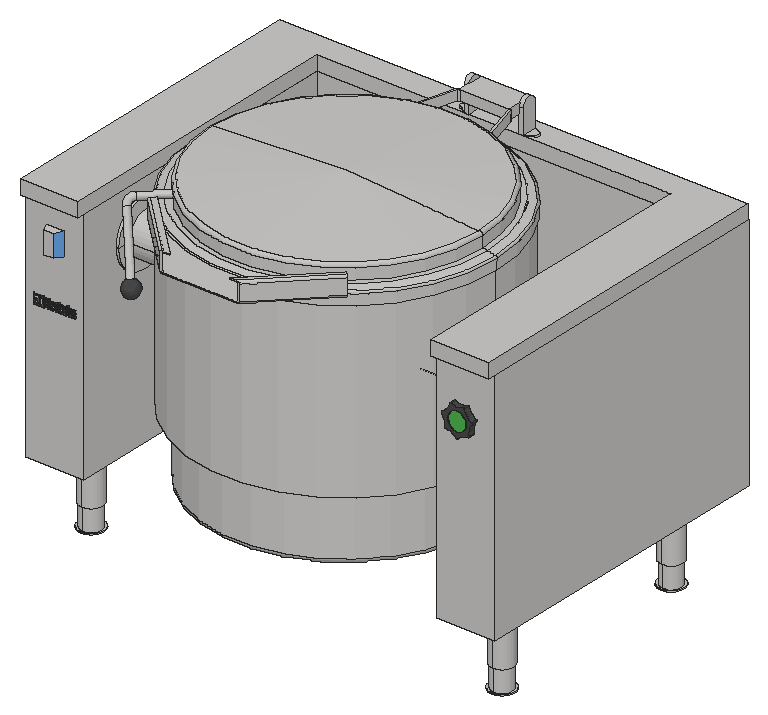
Revit family "QF_ELECTROLUXPROFESSIONAL_587190_PBOT15TCJO", category Attrezzature speciali, Revit 2020
Family settings
  Quota connettore circolare = Usa diametro
  Tipo di parte = Normale
  Basato su piano di lavoro = No
  Sempre verticale = Sì
  Taglio con vuoti quando caricato = No
  Condiviso = No
  Punto di calcolo locali = No
Parameters (values of type "Standard")
  Weight = 260.00 kg
  Watts = 200 W
  Volts = 230 V
  URL Manufacturer = "https://www.electroluxprofessional.com/"
  URL = "https://www.electroluxprofessional.com/"
  Steam Supply Size = 25.4 mm
  Steam Supply Minimum Pressure = 3.28084 Pa
  Steam Supply Maximum Pressure = 4.92126 Pa
  Steam Consumption per Hour = 65
  Refrigeration Suction Line Size = 0.0 mm
  Refrigeration Liquid Line Size = 0.0 mm
  Refrigerant Compressor Remote = yes
  Prospetto di default = 0.0 mm
  Produttore = "Electrolux Professional"
  Phase = 1
  Modello = "PBOT15TCJO"
  Length Actual = 1300.0 mm  # constant formula
  Item Number = "587190"
  Hot Water Size = 12.7 mm
  Height Actual = 700.0 mm  # constant formula
  HP = "0.3 HP"
  Gas Size = 0 mm
  Gas KW = 0
  Gas Input Pressure = 0 W
  Direct Waste Size = 0 mm
  Descrizione = "STEAM (MAN) BOILING PAN, TILTING,150L,230V,FS,MARINE"
  Depth Actual = 900.0 mm  # constant formula
  Cycle = 50 Hz
  Condensate Return Size = 25.4 mm
  Compressed Air Volume = 0.0 L/s
  Compressed Air Size = 0 mm
  Compressed Air Pressure = 0.0 Pa
  Cold Water Size = 12.7 mm
  Accessory = yes
Reference planes
  plane 1 "Center (Front/Back)": y = 0
  plane 2: z = 0
  plane 3 "Center (Left/Right)": x = 0
  plane 4 "LEFT": x = -650
  plane 5 "RIGHT": x = 650
  plane 6 "BACK": y = 450
  plane 7 "FRONT": y = -450
  plane 8 "Base": z = 200
  plane 9 "TOP": z = 900
  plane 10: x = -490
  plane 11: x = 490
  plane 12 "Axe_PentolaY": y = -230
  plane 13 "AxePentolaZ": z = 730
  plane 14 "PLANE_TOP": z = 860
  plane 15: y = 380
  plane 16: x = -414.5
  plane 17 "PentolaH1": z = 910
  plane 18 "PentolaH2": z = 430
  plane 19 "Pentola_H3": z = 220
  plane 20: x = -378.5
  plane 21: y = -640
  plane 22 "CentroPentolaY": y = -133
  plane 23 "TopCoperchio": z = 1011
  plane 24 "Versamento": z = 940
  plane 25 "V1": through (-184.414, -566.187, 4000) normal (-0.7071, -0.7071, 0)
  plane 26 "V2": through (96.404, -654.197, 4000) normal (-0.7071, 0.7071, 0)
  plane 27 "Gfront": y = -1450
  plane 28 "LEVEL": through (-363.841, -304.214, 4000) normal (0.7071, 0.7071, 0)
  plane 29 "GRight": x = 250
  plane 30 "GLeft": x = -250
  plane 31: z = 1845
  plane 32 "Ribaltamento": y = -715
  plane 33: x = -570
  plane 34: x = 570
  plane 35 "AttaccoManiglia": z = 970
  plane 36 "GBack": y = -250
Forms (mm)
  Revolve 1, solid, material "QF_Finishes_Stainless Steel"
    sketch origin (0, 0, 730) x (-1, 0, 0) y (0, -1, 0)
      loop
        line (490, 230) -> (-490, 230) -> (-490, 140) -> (-480, 140) -> (-480, 173) -> (480, 173) -> (480, 140) -> (490, 140) -> (490, 230)
      axis (490, 230) -> (-490, 230)
    angle from 0 to 360
  Extrusion 2, solid, material "QF_Finishes_Stainless Steel"
    sketch origin (0, 0, 860) x (-1, 0, 0) y (0, -1, 0)
      loop
        line (650, 450) -> (490, 450) -> (490, -380) -> (-490, -380) -> (-490, 450) -> (-650, 450) -> (-650, -450) -> (650, -450) -> (650, 450)
    from 0 to 40
  Extrusion 3, solid, material "QF_Finishes_Stainless Steel"
    sketch origin (0, 0, 860) x (-1, 0, 0) y (0, -1, 0)
      loop
        line (490, -380) -> (-490, -380) -> (-490, -450) -> (490, -450) -> (490, -380)
    from 0 to -360
  Revolve 4, solid, material "QF_Finishes_Stainless Steel"
    sketch origin (0, -133, 0) x (-1, 0, 0) y (0, 0, 1)
      loop
        line (0, 910) -> (0, 220)
        arc (0, 220) -> (184.45, 226.112) -> (368.088, 244.449) r 2780.07
        arc (368.088, 244.449) -> (375.529, 248.439) -> (378.5, 256.343) r 12
        line (378.5, 256.343) -> (378.5, 430) -> (414.5, 430) -> (414.5, 910) -> (0, 910)
      axis (0, 910) -> (0, 220)
    angle from 0 to 360
  Revolve 5, solid, material "QF_Finishes_Stainless Steel"
    sketch origin (0, -133, 0) x (-1, 0, 0) y (0, 0, 1)
      loop
        line (419.5, 910) -> (419.5, 938.417)
        arc (419.5, 938.417) -> (418.283, 942.04) -> (415.126, 944.193) r 6
        line (415.126, 944.193) -> (394.5, 950) -> (378.5, 950) -> (378.5, 981.04)
        arc (378.5, 981.04) -> (375.943, 987.718) -> (369.58, 990.981) r 10
        arc (369.58, 990.981) -> (185.061, 1005.992) -> (0, 1011) r 3421.506
        line (0, 1011) -> (0, 910) -> (419.5, 910)
      axis (0, 1011) -> (0, 910)
    angle from 0 to 360
  Extrusion 6, solid, material "QF_Finishes_Stainless Steel"
    sketch origin (0, 0, 940) x (-1, 0, 0) y (0, -1, 0)
      loop
        line (102.116, 640) -> (-102.116, 640) -> (-271.533, 470.582) -> (-261.763, 460.812)
        arc (-261.763, 460.812) -> (0, 552.5) -> (261.763, 460.812) r 419.5
        line (261.763, 460.812) -> (271.533, 470.582) -> (102.116, 640)
    from 0 to 3
  Sweep 7, solid, material "QF_Finishes_Stainless Steel"
    path origin (0, 0, 940) x (-1, 0, 0) y (0, -1, 0)
      loop
        line (95.464, 655.137) -> (275.776, 474.825)
    profile origin (-185.62, -564.981, 940) x (-0.707107, -0.707107, 0) y (0, 0, 1)
      loop
        arc (-6, 0) -> (-1.757, 1.757) -> (0, 6) r 6
        line (0, 6) -> (0, 50)
        arc (0, 50) -> (-1.757, 54.243) -> (-6, 56) r 6
        line (-6, 56) -> (-19, 56) -> (-19, 53) -> (-6, 53)
        arc (-6, 53) -> (-3.879, 52.121) -> (-3, 50) r 3
        line (-3, 50) -> (-3, 6)
        arc (-3, 6) -> (-3.879, 3.879) -> (-6, 3) r 3
        line (-6, 3) -> (-19, 3) -> (-19, 0) -> (-6, 0)
  Sweep 8, solid, material "QF_Finishes_Stainless Steel"
    path origin (0, 0, 940) x (-1, 0, 0) y (0, -1, 0)
      loop
        line (-94.349, 656.252) -> (-275.776, 474.825)
    profile origin (185.063, -565.538, 940) x (-0.707107, 0.707107, 0) y (0, 0, 1)
      loop
        arc (0, 6) -> (1.757, 1.757) -> (6, 0) r 6
        line (6, 0) -> (19, 0) -> (19, 3) -> (6, 3)
        arc (6, 3) -> (3.879, 3.879) -> (3, 6) r 3
        line (3, 6) -> (3, 50)
        arc (3, 50) -> (3.879, 52.121) -> (6, 53) r 3
        line (6, 53) -> (19, 53) -> (19, 56) -> (6, 56)
        arc (6, 56) -> (1.757, 54.243) -> (0, 50) r 6
        line (0, 50) -> (0, 6)
  Extrusion 9, solid, material "QF_Finishes_Stainless Steel"
    sketch origin (0, 0, 0) x (0, 1, 0) y (0, 0, 1)
      loop
        line (420, 900) -> (420, 968.813)
        arc (420, 968.813) -> (400, 988.813) -> (380, 968.813) r 20
        line (380, 968.813) -> (380, 900) -> (420, 900)
    from -70 to -82
  Extrusion 10, solid, material "QF_Finishes_Stainless Steel"
    sketch origin (0, 0, 900) x (0, 1, 0) y (-1, 0, 0)
      loop
        arc (341.132, 72.4) -> (343.874, 70.425) -> (344.734, 67.158) r 5
        line (344.734, 67.158) -> (344.734, -67.158)
        arc (344.734, -67.158) -> (343.874, -70.425) -> (341.132, -72.4) r 5
        line (341.132, -72.4) -> (231.01, -103.724) -> (229.26, -109.68) -> (342.51, -77.206)
        arc (342.51, -77.206) -> (346.951, -74.535) -> (349.459, -70) r 10
        line (349.459, -70) -> (420, -70) -> (420, 70) -> (349.459, 70)
        arc (349.459, 70) -> (346.951, 74.535) -> (342.51, 77.206) r 10
        line (342.51, 77.206) -> (229.346, 109.396) -> (231.01, 103.724) -> (341.132, 72.4)
    from 50 to 77.177
  Extrusion 11, solid, material "QF_Finishes_Stainless Steel"
    sketch origin (0, 0, 0) x (0, 1, 0) y (0, 0, 1)
      loop
        line (420, 900) -> (420, 968.813)
        arc (420, 968.813) -> (400, 988.813) -> (380, 968.813) r 20
        line (380, 968.813) -> (380, 900) -> (420, 900)
    from 70 to 82
  Extrusion 12, solid, material "QF_Finishes_Stainless Steel"
    sketch origin (0, 0, 900) x (0, 1, 0) y (-1, 0, 0)
      loop
        arc (391.973, -103.927) -> (400, -108.689) -> (408.027, -103.927) r 9.146
        line (408.027, -103.927) -> (420, -82) -> (380, -82) -> (391.973, -103.927)
      loop
        line (391.973, 103.927) -> (380, 82) -> (420, 82) -> (408.027, 103.927)
        arc (408.027, 103.927) -> (400, 108.689) -> (391.973, 103.927) r 9.146
    from 0 to 3
  Extrusion 13, solid, material "QF_Door-Drawer Clearances", detail levels coarse
    sketch origin (0, 0, 0) x (0, 1, 0) y (0, 0, 1)
      loop
        line (-640, 946) -> (-640, 996)
        arc (-640, 996) -> (-711.263, 644.885) -> (-547.5, 326.229) r 541.018
        line (-547.5, 326.229) -> (-547.5, 910) -> (-552.5, 910) -> (-552.5, 940) -> (-635.757, 940)
        spline (-635.757, 940) -> (-636.311, 940.051) -> (-636.855, 940.204) -> (-637.381, 940.457) -> (-637.879, 940.804) -> (-638.34, 941.24) -> (-638.757, 941.757) -> (-639.123, 942.347) -> (-639.432, 943) -> (-639.677, 943.704) -> (-639.855, 944.447) -> (-639.964, 945.217) -> (-640, 946)
    from -100 to 100
  Extrusion 14, void
    sketch origin (0, 0, 940) x (-1, 0, 0) y (0, -1, 0)
      loop
        line (110.601, 640) -> (110.601, 657.601) -> (-110.601, 657.601) -> (-110.601, 640) -> (110.601, 640)
    from 0 to 71
  Extrusion 15, solid, material "QF_Door-Drawer Clearances", detail levels coarse
    sketch origin (0, 0, 0) x (0, 1, 0) y (0, 0, 1)
      loop
        line (420, 968.813) -> (420, 988.813) -> (369.196, 1192.575)
        arc (369.196, 1192.575) -> (324.911, 1429.101) -> (245, 1656.082) r 1570.008
        line (245, 1656.082) -> (194.38, 1845)
        arc (194.38, 1845) -> (-395.616, 1600.616) -> (-640, 1010.62) r 834.38
        line (-640, 1010.62) -> (-640, 996.062) -> (-400, 996.062)
        arc (-400, 996.062) -> (-132.5, 1011) -> (135, 996.062) r 2402.625
        line (135, 996.062) -> (245, 996.062) -> (245, 954.644) -> (380, 954.644) -> (380, 968.813)
        arc (380, 968.813) -> (400, 988.813) -> (420, 968.813) r 20
    from -100 to 100
Cuts and joins
  Extrusion 14 cuts Extrusion 6
  Extrusion 14 cuts Sweep 7
  Extrusion 14 cuts Sweep 8
  joined: Extrusion 6, Sweep 7, Sweep 8
  Extrusion 14 cuts Extrusion 13
Lines and regions (mm)
  symbolic lines
    curve 1: line (650, 450, 900) -> (-650, 450, 900)
    curve 2: line (650, -450, 900) -> (650, 450, 900)
    curve 3: line (-650, 450, 900) -> (-650, -450, 900)
    curve 4: line (-650, -450, 900) -> (-490, -450, 900)
    curve 5: line (-490, -450, 900) -> (-490, 380, 900)
    curve 6: line (490, 380, 900) -> (490, -450, 900)
    curve 7: line (490, -450, 900) -> (650, -450, 900)
    curve 8: line (-480, -140, 900) -> (-480, -320, 900)
    curve 9: line (-480, -140, 900) -> (-490, -140, 900)
    curve 10: line (-480, -320, 900) -> (-490, -320, 900)
    curve 11: line (480, -140, 900) -> (490, -140, 900)
    curve 12: line (480, -320, 900) -> (490, -320, 900)
    curve 13: line (-70, 349.459, 900) -> (-70, 420, 900)
    curve 14: line (-82, 420, 900) -> (82, 420, 900)
    curve 15: line (70, 420, 900) -> (70, 349.459, 900)
    curve 16: line (-66.757, 345, 900) -> (66.757, 345, 900)
    curve 17: line (-110.601, -640, 900) -> (-275.776, -474.825, 900)
    curve 18: line (-275.776, -474.825, 900) -> (-249.31, -448.359, 900)
    curve 19: line (-262.341, -461.39, 900) -> (-97.166, -626.565, 900)
    curve 20: line (97.166, -626.565, 900) -> (262.341, -461.39, 900)
    curve 21: line (249.31, -448.359, 900) -> (275.776, -474.825, 900)
    curve 22: line (275.776, -474.825, 900) -> (110.601, -640, 900)
    curve 23: line (-103.927, 391.973, 900) -> (-82, 380, 900)
    curve 24: arc (-103.927, 408.027, 900) -> (-108.689, 400, 900) -> (-103.927, 391.973, 900) r 9.146
    curve 25: line (-82, 420, 900) -> (-103.927, 408.027, 900)
    curve 26: line (-82, 420, 900) -> (-82, 380, 900)
    curve 27: line (82, 380, 900) -> (82, 420, 900)
    curve 28: line (103.927, 408.027, 900) -> (82, 420, 900)
    curve 29: arc (103.927, 391.973, 900) -> (108.689, 400, 900) -> (103.927, 408.027, 900) r 9.146
    curve 30: line (82, 380, 900) -> (103.927, 391.973, 900)
    curve 35: line (-490, 380, 900) -> (-70, 380, 900)
    curve 36: line (490, 380, 900) -> (70, 380, 900)
    curve 37: line (-480, -173, 900) -> (-414.188, -173, 900)
    curve 38: line (-480, -287, 900) -> (-389.822, -287, 900)
    curve 39: line (480, -172.761, 900) -> (416.676, -172.761, 900)
    curve 59: line (480, -287, 900) -> (389.209, -287, 900)
    curve 71: line (480, -320, 940) -> (480, -140, 940)
    curve 72: circle (0, -133, 940) r 378.5 normal (0, 0, 1)
    curve 73: circle (0, -133, 940) r 355.51 normal (0, 0, -1)
    curve 74: arc (-296.381, -428.564, 940) -> (302.734, 156.053, 940) -> (-308.944, -415.406, 940) r 418.569
  symbolic lines, style "SpecialityEquipmentHiddenLines"
    curve 31: line (-250, -1450, 900) -> (250, -1450, 900)
    curve 32: line (-250, -250, 900) -> (-250, -1450, 900)
    curve 33: line (250, -1450, 900) -> (250, -250, 900)
    curve 56: line (0, -1315.484, 900) -> (0, -1285.484, 900)
    curve 57: line (-15, -1300.484, 900) -> (15, -1300.484, 900)
    curve 60: arc (-72.4, 341.132, 940) -> (-70.425, 343.874, 940) -> (-67.158, 344.734, 940) r 5
    curve 61: arc (-70, 349.459, 940) -> (-74.535, 346.951, 940) -> (-77.206, 342.51, 940) r 10
    curve 62: arc (77.206, 342.51, 940) -> (74.535, 346.951, 940) -> (70, 349.459, 940) r 10
    curve 63: arc (67.158, 344.734, 940) -> (70.425, 343.874, 940) -> (72.4, 341.132, 940) r 5
    curve 68: line (-97.166, -626.565, 940) -> (-110.601, -640, 940)
    curve 69: line (97.166, -626.565, 940) -> (110.601, -640, 940)
    curve 70: line (250, -250, 940) -> (-250, -250, 940)
  symbolic lines, style "SpecialityEquipment"
    curve 34: circle (0, -1300.484, 900) r 15 normal (0, 0, 1)
    curve 40: line (210, -1450, 900) -> (210, -1250, 900)
    curve 41: line (170, -1450, 900) -> (170, -1290, 900)
    curve 42: line (130, -1450, 900) -> (130, -1330, 900)
    curve 43: line (90, -1450, 900) -> (90, -1370, 900)
    curve 44: line (90, -1410, 900) -> (250, -1410, 900)
    curve 45: line (130, -1370, 900) -> (250, -1370, 900)
    curve 46: line (170, -1330, 900) -> (250, -1330, 900)
    curve 47: line (210, -1290, 900) -> (250, -1290, 900)
    curve 48: line (-210, -1450, 900) -> (-210, -1250, 900)
    curve 49: line (-170, -1450, 900) -> (-170, -1290, 900)
    curve 50: line (-130, -1450, 900) -> (-130, -1330, 900)
    curve 51: line (-90, -1450, 900) -> (-90, -1370, 900)
    curve 52: line (-90, -1410, 900) -> (-250, -1410, 900)
    curve 53: line (-130, -1370, 900) -> (-250, -1370, 900)
    curve 54: line (-170, -1330, 900) -> (-250, -1330, 900)
    curve 55: line (-210, -1290, 900) -> (-250, -1290, 900)
    curve 58: line (-110.601, -640, 900) -> (110.601, -640, 900)
    curve 64: line (72.4, 341.132, 940) -> (103.999, 230.932, 940)
    curve 65: line (109.68, 229.26, 940) -> (77.206, 342.51, 940)
    curve 66: line (-103.724, 231.01, 940) -> (-72.4, 341.132, 940)
    curve 67: line (-77.206, 342.51, 940) -> (-109.68, 229.26, 940)
Dimensions and locks
  plane 4 "LEFT" to plane 5 "RIGHT" = 1300.0 mm
  equal spacing: plane 4 "LEFT", plane 3 "Center (Left/Right)", plane 5 "RIGHT"
  equal spacing: plane 6 "BACK", plane 1 "Center (Front/Back)", plane 7 "FRONT"
  plane 6 "BACK" to plane 7 "FRONT" = 900.0 mm
  plane 8 "Base" to level = 200.0 mm
  plane 9 "TOP" to level = 900.0 mm
  plane 9 "TOP" to plane 8 "Base" = 700.0 mm
  locked: plane 4 "LEFT" to plane 10 at 160
  locked: plane 11 to plane 5 "RIGHT" at 160
  locked: plane 6 "BACK" to plane 12 "Axe_PentolaY" at 680
  locked: plane 13 "AxePentolaZ" to plane 8 "Base" at 530
  locked: Revolve 1 sketch curve to Revolve 1 sketch curve at 57
  locked: Revolve 1 sketch curve to Revolve 1 sketch curve at 90
  locked: plane 10 to Revolve 1 sketch curve at 10
  locked: Revolve 1 sketch curve to plane 11 at 10
  locked: plane 9 "TOP" to plane 14 "PLANE_TOP" at 40
  plane 6 "BACK" to plane 15 = 70.0 mm
  locked: plane 17 "PentolaH1" to plane 13 "AxePentolaZ" at 180
  locked: plane 13 "AxePentolaZ" to plane 18 "PentolaH2" at 300
  locked: plane 18 "PentolaH2" to plane 19 "Pentola_H3" at 210
  locked: plane 3 "Center (Left/Right)" to plane 16 at 414.5
  locked: plane 3 "Center (Left/Right)" to plane 20 at 378.5
  Revolve 5 sketch curve to plane 17 "PentolaH1" = 40.0 mm
  locked: plane 16 to Revolve 5 sketch curve at 5
  plane 6 "BACK" to plane 21 = 1090.0 mm
  locked: plane 6 "BACK" to plane 22 "CentroPentolaY" at 583
  locked: plane 23 "TopCoperchio" to plane 9 "TOP" at 111
  locked: plane 24 "Versamento" to level at 940
  plane 6 "BACK" to plane 27 "Gfront" = 1900.0 mm
  locked: plane 30 "GLeft" to plane 3 "Center (Left/Right)" at 250
  locked: plane 3 "Center (Left/Right)" to plane 29 "GRight" at 250
  plane 31 to plane 9 "TOP" = 945.0 mm
  plane 6 "BACK" to plane 32 "Ribaltamento" = 1165.0 mm
  equal spacing: plane 10, plane 33, plane 4 "LEFT"
  equal spacing: plane 5 "RIGHT", plane 34, plane 11
  locked: plane 35 "AttaccoManiglia" to level at 970
  plane 6 "BACK" to plane 36 "GBack" = 700.0 mm
  aligned and locked: level to plane 2
  aligned and locked: plane 5 "RIGHT" to nested 2
  aligned and locked: plane 4 "LEFT" to nested 1
  aligned and locked: plane 8 "Base" to nested 1
  aligned and locked: plane 8 "Base" to nested 2
  aligned and locked: plane 6 "BACK" to nested 2
  aligned and locked: plane 6 "BACK" to nested 1
  aligned and locked: plane 10 to Revolve 1 sketch curve
  aligned and locked: plane 11 to Revolve 1 sketch curve
  aligned and locked: plane 4 "LEFT" to Extrusion 2 sketch curve
  aligned and locked: Extrusion 2 sketch curve to plane 10
  aligned and locked: plane 7 "FRONT" to Extrusion 2 sketch curve  (x2)
  aligned and locked: Extrusion 2 sketch curve to plane 5 "RIGHT"
  aligned and locked: plane 11 to Extrusion 2 sketch curve
  aligned and locked: Extrusion 2 sketch curve to plane 6 "BACK"
  aligned and locked: plane 15 to Extrusion 2 sketch curve
  aligned and locked: Extrusion 3 sketch curve to plane 10
  aligned and locked: plane 6 "BACK" to Extrusion 3 sketch curve
  aligned and locked: plane 11 to Extrusion 3 sketch curve
  aligned and locked: Extrusion 3 sketch curve to plane 15
  aligned and locked: plane 3 "Center (Left/Right)" to Revolve 4 sketch curve
  aligned and locked: Revolve 4 sketch curve to plane 20
  aligned and locked: Revolve 4 sketch curve to plane 18 "PentolaH2"
  aligned and locked: Revolve 4 sketch curve to plane 16
  aligned and locked: plane 17 "PentolaH1" to Revolve 4 sketch curve
  aligned and locked: Revolve 5 sketch curve to plane 17 "PentolaH1"
  aligned and locked: Extrusion 9 sketch curve to plane 15
  aligned and locked: Extrusion 9 sketch curve to Extrusion 2
  aligned and locked: curve 31 to plane 27 "Gfront"
  aligned and locked: curve 32 to plane 30 "GLeft"
  aligned and locked: plane 29 "GRight" to curve 33
  aligned and locked: plane 33 to nested 3
  aligned and locked: plane 34 to nested 4
  aligned and locked: plane 36 "GBack" to curve 70
Automatic sketch dimensions
  Revolve 4 sketch curve to plane 3 "Center (Left/Right)" = 0.0 mm
  Revolve 4 sketch curve to plane 19 "Pentola_H3" = 0.0 mm
  Revolve 4 sketch curve to plane 3 "Center (Left/Right)" = 0.201 mm
  Revolve 4 sketch curve to Revolve 4 sketch curve = 12.0 mm
  plane 19 "Pentola_H3" to Revolve 4 sketch curve = 36.343 mm
  plane 31 to Revolve 4 sketch curve = 1155.07 mm
  level to Revolve 4 sketch curve = 60.0 mm
  plane 23 "TopCoperchio" to Revolve 4 sketch curve = 179.0 mm
  Extrusion 6 sketch curve to plane 21 = 0.0 mm
  Extrusion 6 sketch curve to plane 3 "Center (Left/Right)" = 0.0 mm
  Extrusion 6 sketch curve to plane 22 "CentroPentolaY" = 0.0 mm
  plane 3 "Center (Left/Right)" to Extrusion 6 sketch curve = 102.116 mm
  plane 29 "GRight" to Extrusion 6 sketch curve = 11.763 mm
  Extrusion 6 sketch curve to Extrusion 6 sketch curve = 9.771 mm  (x2)
  Extrusion 6 sketch curve to plane 3 "Center (Left/Right)" = 102.116 mm
  Extrusion 6 sketch curve to plane 30 "GLeft" = 11.763 mm
  Extrusion 6 sketch curve to plane 7 "FRONT" = 10.812 mm
  plane 25 "V1" to Sweep 7 sketch curve = 0.0 mm
  Sweep 7 sketch curve to plane 25 "V1" = 0.0 mm
  Sweep 7 sketch curve to plane 21 = 15.137 mm
  Sweep 7 sketch curve to plane 7 "FRONT" = 24.825 mm
  Sweep 7 sketch curve to Sweep 7 sketch curve = 0.0 mm  (x4)
  plane 24 "Versamento" to Sweep 7 sketch curve = 0.0 mm
  Sweep 7 sketch curve to profile plane = 0.0 mm
  profile plane to Sweep 7 sketch curve = 3.0 mm
  Sweep 7 sketch curve to Sweep 7 sketch curve = 3.0 mm  (x2)
  Sweep 7 sketch curve to Sweep 7 sketch curve = 13.0 mm  (x2)
  Sweep 7 sketch curve to Sweep 7 sketch curve = 44.0 mm
  Sweep 8 sketch curve to plane 26 "V2" = 0.0 mm  (x2)
  Sweep 8 sketch curve to plane 7 "FRONT" = 24.825 mm
  Sweep 8 sketch curve to plane 21 = 16.252 mm
  Sweep 8 sketch curve to Sweep 8 sketch curve = 0.0 mm  (x4)
  Sweep 8 sketch curve to profile plane = 0.0 mm
  plane 24 "Versamento" to Sweep 8 sketch curve = 0.0 mm
  Sweep 8 sketch curve to Sweep 8 sketch curve = 3.0 mm  (x2)
  Sweep 8 sketch curve to profile plane = 6.0 mm
  Sweep 8 sketch curve to Sweep 8 sketch curve = 13.0 mm  (x2)
  Sweep 8 sketch curve to Sweep 8 sketch curve = 44.0 mm
  Extrusion 9 sketch curve to plane 35 "AttaccoManiglia" = 1.187 mm
  Extrusion 9 sketch curve to Extrusion 9 sketch curve = 20.0 mm
  Extrusion 11 sketch curve to plane 9 "TOP" = 0.0 mm
  Extrusion 11 sketch curve to plane 15 = 0.0 mm
  Extrusion 11 sketch curve to plane 35 "AttaccoManiglia" = 1.187 mm
  Extrusion 11 sketch curve to Extrusion 11 sketch curve = 20.0 mm
  Extrusion 12 sketch curve to plane 15 = 0.0 mm  (x2)
  plane 15 to Extrusion 12 sketch curve = 11.973 mm  (x2)
  Extrusion 12 sketch curve to Extrusion 12 sketch curve = 8.027 mm  (x4)
  Extrusion 12 sketch curve to Extrusion 12 sketch curve = 11.973 mm  (x2)
  plane 3 "Center (Left/Right)" to Extrusion 12 sketch curve = 103.927 mm
  Extrusion 12 sketch curve to Extrusion 12 sketch curve = 4.383 mm  (x2)
  Extrusion 12 sketch curve to Extrusion 12 sketch curve = 21.927 mm
  Extrusion 12 sketch curve to plane 3 "Center (Left/Right)" = 82.0 mm
  Extrusion 12 sketch curve to Extrusion 12 sketch curve = 17.543 mm
  Extrusion 13 sketch curve to plane 21 = 0.0 mm
  Extrusion 13 sketch curve to plane 24 "Versamento" = 0.0 mm
  Extrusion 13 sketch curve to plane 17 "PentolaH1" = 0.0 mm
  plane 21 to Extrusion 13 sketch curve = 4.243 mm
  plane 21 to Extrusion 13 sketch curve = 87.5 mm
  Extrusion 13 sketch curve to Extrusion 13 sketch curve = 5.0 mm
  Extrusion 13 sketch curve to plane 13 "AxePentolaZ" = 11.099 mm
  Extrusion 13 sketch curve to plane 22 "CentroPentolaY" = 42.331 mm
  plane 8 "Base" to Extrusion 13 sketch curve = 126.229 mm
  plane 24 "Versamento" to Extrusion 13 sketch curve = 6.0 mm
  Extrusion 14 sketch curve to plane 21 = 0.0 mm
  Extrusion 14 sketch curve to plane 26 "V2" = 0.0 mm
  plane 25 "V1" to Extrusion 14 sketch curve = 0.0 mm
  Extrusion 14 sketch curve to Extrusion 14 sketch curve = 17.601 mm
  Extrusion 15 sketch curve to plane 21 = 0.0 mm
  Extrusion 15 sketch curve to plane 31 = 0.0 mm
  Extrusion 15 sketch curve to plane 15 = 0.0 mm
  plane 23 "TopCoperchio" to Extrusion 15 sketch curve = 11.753 mm
  plane 27 "Gfront" to Extrusion 15 sketch curve = 258.4 mm
  Extrusion 15 sketch curve to plane 23 "TopCoperchio" = 14.938 mm  (x2)
  plane 7 "FRONT" to Extrusion 15 sketch curve = 50.0 mm
  plane 22 "CentroPentolaY" to Extrusion 15 sketch curve = 0.5 mm
  Extrusion 15 sketch curve to plane 23 "TopCoperchio" = 0.38 mm
  Extrusion 15 sketch curve to Extrusion 15 sketch curve = 50.62 mm
  Extrusion 15 sketch curve to plane 15 = 135.0 mm
  Extrusion 15 sketch curve to plane 15 = 10.804 mm
  Extrusion 15 sketch curve to plane 35 "AttaccoManiglia" = 1.187 mm
  Extrusion 15 sketch curve to Extrusion 15 sketch curve = 20.0 mm
  Extrusion 15 sketch curve to Extrusion 15 sketch curve = 14.168 mm
  Extrusion 15 sketch curve to level = 1391.625 mm
  plane 35 "AttaccoManiglia" to Extrusion 15 sketch curve = 18.813 mm
  plane 23 "TopCoperchio" to Extrusion 15 sketch curve = 181.575 mm
  curve 56 to plane 3 "Center (Left/Right)" = 0.0 mm
  curve 34 to plane 3 "Center (Left/Right)" = 0.0 mm
  curve 58 to plane 21 = 0.0 mm
  curve 18 to plane 25 "V1" = 0.0 mm
  curve 21 to plane 26 "V2" = 0.0 mm
  curve 4 to plane 4 "LEFT" = 0.0 mm
  curve 4 to plane 7 "FRONT" = 0.0 mm
  curve 6 to plane 7 "FRONT" = 0.0 mm
  curve 12 to plane 11 = 0.0 mm
  curve 10 to plane 10 = 0.0 mm
  curve 33 to plane 36 "GBack" = 0.0 mm
  curve 32 to plane 36 "GBack" = 0.0 mm
  curve 26 to plane 15 = 0.0 mm
  curve 27 to plane 15 = 0.0 mm
  curve 2 to plane 5 "RIGHT" = 0.0 mm
  curve 2 to plane 6 "BACK" = 0.0 mm
  curve 22 to plane 26 "V2" = 0.0 mm
  plane 25 "V1" to curve 17 = 0.0 mm
  plane 27 "Gfront" to curve 34 = 149.516 mm
  curve 18 to plane 7 "FRONT" = 24.825 mm
  curve 21 to plane 7 "FRONT" = 24.825 mm
  plane 10 to curve 8 = 10.0 mm
  curve 8 to plane 36 "GBack" = 70.0 mm
  curve 8 to plane 22 "CentroPentolaY" = 7.0 mm
  plane 15 to curve 30 = 11.973 mm
  plane 15 to curve 23 = 11.973 mm
  curve 23 to curve 24 = 8.027 mm
  curve 30 to curve 29 = 8.027 mm
  curve 24 to curve 25 = 8.027 mm
  curve 29 to curve 28 = 8.027 mm
  curve 28 to curve 28 = 11.973 mm
  plane 3 "Center (Left/Right)" to curve 30 = 103.927 mm
  curve 28 to curve 29 = 4.383 mm
  curve 28 to curve 27 = 21.927 mm
  curve 25 to plane 3 "Center (Left/Right)" = 82.0 mm
  curve 14 to curve 24 = 17.543 mm
  curve 24 to curve 25 = 4.383 mm
  curve 31 to curve 44 = 40.0 mm
  curve 31 to curve 52 = 40.0 mm
  curve 44 to curve 45 = 40.0 mm
  curve 52 to curve 53 = 40.0 mm
  curve 43 to curve 45 = 0.0 mm
  curve 53 to curve 51 = 0.0 mm
  curve 45 to curve 46 = 40.0 mm
  curve 53 to curve 54 = 40.0 mm
  curve 42 to curve 46 = 0.0 mm
  curve 54 to curve 50 = 0.0 mm
  curve 56 to curve 34 = 15.0 mm
  curve 34 to curve 57 = 0.0 mm
  curve 54 to curve 55 = 40.0 mm
  curve 46 to curve 47 = 40.0 mm
  curve 41 to curve 47 = 0.0 mm
  curve 55 to curve 49 = 0.0 mm
  curve 47 to curve 40 = 40.0 mm
  curve 55 to curve 48 = 40.0 mm
  plane 21 to curve 20 = 13.435 mm
  plane 21 to curve 19 = 13.435 mm
  curve 20 to plane 7 "FRONT" = 11.39 mm
  curve 19 to plane 7 "FRONT" = 11.39 mm
  plane 30 "GLeft" to curve 18 = 0.69 mm
  curve 21 to plane 29 "GRight" = 0.69 mm
  curve 12 to plane 36 "GBack" = 70.0 mm
  curve 59 to plane 11 = 10.0 mm
  curve 12 to curve 59 = 33.0 mm
  curve 38 to plane 20 = 11.322 mm
  curve 38 to plane 36 "GBack" = 37.0 mm
  curve 39 to plane 11 = 10.0 mm
  curve 39 to plane 22 "CentroPentolaY" = 39.761 mm
  plane 16 to curve 37 = 0.312 mm
  curve 37 to plane 22 "CentroPentolaY" = 40.0 mm
  curve 11 to plane 22 "CentroPentolaY" = 7.0 mm
  curve 16 to plane 15 = 35.0 mm
  curve 16 to curve 13 = 4.459 mm
  curve 16 to curve 15 = 4.459 mm
  curve 11 to plane 11 = 10.0 mm
  curve 12 to plane 11 = 10.0 mm
  curve 39 to curve 39 = 63.324 mm
  curve 59 to curve 59 = 90.791 mm
  curve 40 to plane 29 "GRight" = 40.0 mm
  curve 47 to curve 41 = 40.0 mm
  curve 41 to curve 42 = 40.0 mm
  curve 42 to curve 43 = 40.0 mm
  curve 14 to curve 15 = 12.0 mm
  curve 15 to curve 16 = 3.243 mm
  curve 16 to curve 23 = 15.243 mm
  curve 13 to curve 14 = 12.0 mm
  curve 51 to plane 3 "Center (Left/Right)" = 90.0 mm
  curve 51 to curve 53 = 40.0 mm
  curve 50 to curve 49 = 40.0 mm
  curve 49 to curve 48 = 40.0 mm
  plane 12 "Axe_PentolaY" to Revolve 1 sketch curve = 0.0 mm
  Revolve 1 sketch curve to plane 12 "Axe_PentolaY" = 0.0 mm
  plane 5 "RIGHT" to Revolve 1 sketch curve = 432.098 mm
  Revolve 1 sketch curve to plane 4 "LEFT" = 580.148 mm
  Revolve 1 sketch curve to plane 22 "CentroPentolaY" = 7.0 mm
  Revolve 5 sketch curve to plane 3 "Center (Left/Right)" = 0.0 mm  (x2)
  plane 20 to Revolve 5 sketch curve = 0.0 mm
  Revolve 5 sketch curve to plane 23 "TopCoperchio" = 0.0 mm
  plane 35 "AttaccoManiglia" to Revolve 5 sketch curve = 11.04 mm
  Revolve 5 sketch curve to Revolve 5 sketch curve = 10.0 mm
  Revolve 5 sketch curve to plane 20 = 16.0 mm
  plane 16 to Revolve 5 sketch curve = 1.0 mm
  Revolve 5 sketch curve to plane 16 = 0.626 mm
  Revolve 5 sketch curve to level = 2410.506 mm
  Revolve 5 sketch curve to plane 24 "Versamento" = 1.583 mm
  Revolve 5 sketch curve to plane 18 "PentolaH2" = 95.0 mm
  plane 23 "TopCoperchio" to Revolve 5 sketch curve = 179.0 mm
  Extrusion 10 sketch curve to Extrusion 10 sketch curve = 0.0 mm  (x4)
  Extrusion 10 sketch curve to plane 15 = 150.74 mm
  Extrusion 10 sketch curve to Extrusion 10 sketch curve = 1.75 mm
  Extrusion 10 sketch curve to plane 15 = 40.247 mm  (x2)
  Extrusion 10 sketch curve to Extrusion 10 sketch curve = 1.378 mm  (x4)
  Extrusion 10 sketch curve to Extrusion 10 sketch curve = 4.981 mm
  Extrusion 10 sketch curve to Extrusion 10 sketch curve = 4.725 mm  (x2)
  Extrusion 10 sketch curve to plane 6 "BACK" = 30.0 mm
  plane 3 "Center (Left/Right)" to Extrusion 10 sketch curve = 109.68 mm
  Extrusion 10 sketch curve to Extrusion 10 sketch curve = 5.955 mm
  plane 3 "Center (Left/Right)" to Extrusion 10 sketch curve = 77.206 mm
  Extrusion 10 sketch curve to Extrusion 10 sketch curve = 4.806 mm
  Extrusion 10 sketch curve to Extrusion 10 sketch curve = 2.4 mm
  Extrusion 10 sketch curve to plane 3 "Center (Left/Right)" = 67.158 mm
  Extrusion 10 sketch curve to Extrusion 10 sketch curve = 0.436 mm
  Extrusion 10 sketch curve to plane 3 "Center (Left/Right)" = 70.0 mm
  Extrusion 10 sketch curve to Extrusion 10 sketch curve = 113.164 mm
  Extrusion 10 sketch curve to Extrusion 10 sketch curve = 1.664 mm
  Extrusion 10 sketch curve to plane 3 "Center (Left/Right)" = 103.724 mm
  Extrusion 10 sketch curve to Extrusion 10 sketch curve = 5.672 mm
  curve 60 to curve 61 = 0.0 mm  (x2)
  curve 62 to curve 63 = 0.0 mm  (x2)
  curve 72 to curve 73 = 0.0 mm  (x2)
  curve 72 to curve 74 = 0.0 mm
  curve 73 to curve 74 = 0.0 mm
  curve 70 to plane 29 "GRight" = 0.0 mm
  curve 69 to plane 21 = 0.0 mm
  curve 69 to plane 26 "V2" = 0.0 mm
  curve 72 to plane 3 "Center (Left/Right)" = 0.0 mm
  curve 68 to plane 21 = 0.0 mm
  plane 25 "V1" to curve 68 = 0.0 mm
  curve 70 to plane 30 "GLeft" = 0.0 mm
  curve 73 to plane 22 "CentroPentolaY" = 0.0 mm
  curve 65 to plane 15 = 37.49 mm
  plane 3 "Center (Left/Right)" to curve 65 = 77.206 mm
  curve 65 to curve 64 = 4.806 mm
  curve 63 to curve 62 = 4.806 mm
  curve 61 to plane 3 "Center (Left/Right)" = 67.593 mm
  curve 66 to plane 15 = 38.868 mm
  curve 60 to curve 66 = 4.806 mm
  curve 67 to plane 15 = 37.49 mm
  curve 60 to curve 67 = 4.806 mm
  curve 65 to curve 64 = 1.378 mm
  curve 60 to curve 61 = 1.378 mm
  curve 63 to curve 63 = 1.378 mm
  curve 71 to plane 11 = 10.0 mm
  plane 3 "Center (Left/Right)" to curve 65 = 109.68 mm
  curve 65 to curve 64 = 5.681 mm
  plane 21 to curve 69 = 13.435 mm
  curve 69 to curve 69 = 13.435 mm
  curve 63 to curve 62 = 2.4 mm
  curve 62 to curve 63 = 0.436 mm
  curve 60 to curve 60 = 0.436 mm
  curve 60 to curve 61 = 2.842 mm
  plane 21 to curve 68 = 13.435 mm
  curve 68 to curve 68 = 13.435 mm
  curve 66 to plane 3 "Center (Left/Right)" = 103.724 mm
  curve 66 to curve 67 = 5.955 mm
  plane 7 "FRONT" to curve 74 = 21.436 mm
  curve 74 to plane 30 "GLeft" = 46.381 mm
  curve 74 to curve 74 = 12.564 mm
  curve 64 to curve 65 = 1.672 mm
  curve 71 to plane 22 "CentroPentolaY" = 7.0 mm
  curve 71 to plane 36 "GBack" = 70.0 mm
  radius of curve 73 = 355.51 mm
Nested families
  nested 1: "QF_ELECTROLUXPROFESSIONAL_PBOTSNB900_LEFT" at (-570, 0, 0), type "QF_ELECTROLUXPROFESSIONAL_PBOTSNB900_LEFT"
    with Body Finish QF_Finishes_Stainless Steel
  nested 2: "QF_ELECTROLUXPROFESSIONAL_PBOTSMAN900_RIGHT" at (570, 0, 0), type "QF_ELECTROLUXPROFESSIONAL_PBOTSMAN900_RIGHT"
    with Body Finish QF_Finishes_Stainless Steel
  nested 3: "QF_ELECTROLUXPROFESSIONAL_2FEET_THL_120xH200" at (-570, 0, 0), type "QF_ELECTROLUXPROFESSIONAL_2FEET_THL_120xH200"
  nested 4: "QF_ELECTROLUXPROFESSIONAL_2FEET_THL_120xH200" at (570, 0, 0), type "QF_ELECTROLUXPROFESSIONAL_2FEET_THL_120xH200"
  nested 5: "QF_ELECTROLUXPROFESSIONAL_PBOT900_LEVEL1" at (-274.438, -393.617, 970) x (0.7071, 0.7071, 0) z (0, 0, 1), type "QF_ELECTROLUXPROFESSIONAL_PBOT900_LEVEL1"
Connectors
  piping at (-600, 453, 395), diameter 12.7, driven by "Hot Water Size"
    settings: on nested 1, index 1, connector inside diameter 609.6 mm, connector length 0.0 mm, flow factor 0, pipe flow 0.0 L/s, pressure drop 0.0 Pa, fitting loss kfactor 0, connector angle 0.00°, fixture units 0, engagement length 0.0 mm, angle of deflection 0.00°, flow configuration 1, flow direction 1, fitting loss method 0, system type 19, joint type 0, gender type 0, connector reference index -1, connector utility 0, adjustable connector no, is connector primary yes, connector description "Hot Water Inlet"
  piping at (-600, 453, 395), diameter 12.7, driven by "Cold Water Size"
    settings: on nested 1, index 2, connector inside diameter 609.6 mm, connector length 0.0 mm, flow factor 0, pipe flow 0.0 L/s, pressure drop 0.0 Pa, fitting loss kfactor 0, connector angle 0.00°, fixture units 0, engagement length 0.0 mm, angle of deflection 0.00°, flow configuration 1, flow direction 1, fitting loss method 0, system type 20, joint type 0, gender type 0, connector reference index -1, connector utility 0, adjustable connector no, is connector primary no, connector description "Cold Water Inlet"
  electrical at (570, 450, 450), driven by "Volts"
    settings: on nested 2, index 3, voltage 230 V, apparent load 0 VA, apparent load phase1 0 VA, apparent load phase2 0 VA, apparent load phase3 0 VA, power factor 1, load classification "Other", number of poles 1, system type 30, power factor state 1, is connector primary yes, connector utility no, sub classification motor no, connector description "Electrical Connection"
  piping at (-570, 453, 340), diameter 25.4
    settings: on nested 1, index 4, connector inside diameter 609.6 mm, connector length 0.0 mm, flow factor 0, pipe flow 0.0 L/s, pressure drop 0.0 Pa, fitting loss kfactor 0, connector angle 0.00°, fixture units 0, engagement length 0.0 mm, angle of deflection 0.00°, flow configuration 1, flow direction 2, fitting loss method 0, system type 8, joint type 0, gender type 0, connector reference index -1, connector utility 0, adjustable connector no, is connector primary no, connector description "Steam Outlet"
  piping at (570, 453, 340), diameter 25.4
    settings: on nested 2, index 5, connector inside diameter 609.6 mm, connector length 0.0 mm, flow factor 0, pipe flow 0.0 L/s, pressure drop 0.0 Pa, fitting loss kfactor 0, connector angle 0.00°, fixture units 0, engagement length 0.0 mm, angle of deflection 0.00°, flow configuration 1, flow direction 1, fitting loss method 0, system type 7, joint type 0, gender type 0, connector reference index -1, connector utility 0, adjustable connector no, is connector primary no, connector description "Steam Inlet"
Definition of nested family "QF_ELECTROLUXPROFESSIONAL_PBOTSNB900_LEFT"
  Parameters
    Width = 160.0 mm
    Steam_z = 140.0 mm
    Steam_y = 239.0 mm
    Right = Width / 2  # 80.0 mm
    Default Elevation = 0.0 mm
    Left = -Width / 2  # -80.0 mm
    Htop = 40.0 mm
    Height = 900.0 mm
    HW_CW_z = 195.0 mm
    HW_CW_y = 312.0 mm
    HW_CW_Border = 50.0 mm
    HBase = 200.0 mm
    Depth = 900.0 mm
    BorderFront = 20.0 mm
    Body Finish [instance] = none
  Reference planes
    plane 1 "Center (Front/Back)": y = 0
    plane 2: z = 0
    plane 3 "Center (Left/Right)": x = 0
    plane 4 "LEFT": x = -80
    plane 5 "RIGHT": x = 80
    plane 6 "BACK": y = 450
    plane 7 "FRONT": y = -450
    plane 8 "TRAYSLIDER": y = -811.8
    plane 9 "Base": z = 200
    plane 10 "TOP": z = 900
    plane 11 "BorderFront": y = -430
    plane 12: z = 860
    plane 13 "HW_CW": y = 138
    plane 14: x = -30
    plane 15: x = 30
    plane 16 "SteamO": y = 211
    plane 17 "STEAM": z = 340
    plane 18 "CHW": z = 395
  Forms (mm)
    Extrusion 1, solid
      sketch origin (0, 0, 0) x (1, 0, 0) y (0, 1, 0)
        loop
          line (-80, 450) -> (-80, -430) -> (80, -430) -> (80, 450) -> (-80, 450)
      from 860 to 200
    Extrusion 2, solid, material <- "Body Finish"
      sketch origin (0, 450, 0) x (-1, 0, 0) y (0, 0, 1)
        loop
          circle (30, 395) r 6.35
        loop
          circle (-30, 395) r 6.35
      from 3 to 0
    Blend 3, solid, material <- "Body Finish"
      base sketch origin (0, -430, -0.233) x (-1, 0, 0) y (0, 0, 1)
        loop
          line (23.5, 800.233) -> (-23.5, 800.233) -> (-23.5, 733.433) -> (23.5, 733.433) -> (23.5, 800.233)
      top sketch origin (0, -430, -0.233) x (-1, 0, 0) y (0, 0, 1)
        loop
          line (13.448, 797.45) -> (-13.448, 797.45) -> (-13.448, 736.216) -> (13.448, 736.216) -> (13.448, 797.45)
      from 0 to -20
    Extrusion 4, solid
      sketch origin (-12.54, -430, 23) x (-1, 0, 0) y (0, 0, 1)
        loop
          line (5.327, 593.058) -> (5.327, 590.846) -> (11.437, 590.846) -> (11.437, 587.616) -> (5.692, 587.616) -> (5.692, 585.398) -> (11.437, 585.398) -> (11.437, 583.444)
          arc (11.437, 583.444) -> (10.839, 582.088) -> (9.435, 581.614) r 1.838
          line (9.435, 581.614) -> (5.163, 581.614) -> (5.163, 579.403) -> (9.986, 579.403)
          arc (9.986, 579.403) -> (12.674, 580.517) -> (13.788, 583.205) r 3.802
          line (13.788, 583.205) -> (13.788, 593.058) -> (5.327, 593.058)
        loop
          line (3.492, 593.058) -> (1.141, 593.058) -> (1.141, 579.403) -> (3.492, 579.403) -> (3.492, 593.058)
        loop
          line (-47.588, 593.058) -> (-49.941, 593.058) -> (-49.941, 579.403) -> (-47.588, 579.403) -> (-47.588, 593.058)
        loop
          arc (-2.749, 583.764) -> (-3.194, 582.272) -> (-4.489, 581.409) r 2.29
          arc (-4.489, 581.409) -> (-6.614, 581.225) -> (-8.443, 582.322) r 3.458
          line (-8.443, 582.322) -> (-9.836, 580.928)
          arc (-9.836, 580.928) -> (-7.685, 579.48) -> (-5.119, 579.102) r 5.86
          arc (-5.119, 579.102) -> (-1.823, 580.467) -> (-0.457, 583.764) r 4.662
          arc (-0.457, 583.764) -> (-1.495, 587.706) -> (-5.131, 589.55) r 4.976
          arc (-5.131, 589.55) -> (-9.259, 588.004) -> (-10.466, 583.764) r 4.89
          line (-10.466, 583.764) -> (-2.749, 583.764)
        loop
          arc (-2.808, 585.417) -> (-3.843, 587.066) -> (-5.727, 587.557) r 2.64
          arc (-5.727, 587.557) -> (-7.36, 586.981) -> (-8.104, 585.417) r 2.256
          line (-8.104, 585.417) -> (-2.808, 585.417)
        loop
          arc (-19.634, 586.402) -> (-17.741, 587.437) -> (-15.609, 587.112) r 3.369
          arc (-15.609, 587.112) -> (-14.276, 585.699) -> (-14.118, 583.764) r 2.933
          arc (-14.118, 583.764) -> (-16.389, 581.316) -> (-19.559, 582.365) r 3.088
          line (-19.559, 582.365) -> (-21.028, 580.896)
          arc (-21.028, 580.896) -> (-14.811, 579.611) -> (-11.775, 585.186) r 5.33
          arc (-11.775, 585.186) -> (-13.576, 588.365) -> (-17.009, 589.62) r 5.293
          arc (-17.009, 589.62) -> (-19.259, 589.219) -> (-21.111, 587.878) r 5.117
          line (-21.111, 587.878) -> (-19.634, 586.402)
        loop
          line (-22.556, 593.058) -> (-24.908, 593.058) -> (-24.908, 589.279) -> (-27.044, 589.279) -> (-27.044, 587.143) -> (-24.908, 587.143) -> (-24.908, 583.764)
          arc (-24.908, 583.764) -> (-25.11, 582.682) -> (-25.866, 581.883) r 1.949
          arc (-25.866, 581.883) -> (-26.455, 581.649) -> (-27.088, 581.601) r 2.118
          line (-27.088, 581.601) -> (-27.088, 579.397)
          arc (-27.088, 579.397) -> (-24.962, 579.678) -> (-23.283, 581.013) r 4.018
          arc (-23.283, 581.013) -> (-22.759, 582.327) -> (-22.556, 583.727) r 6.031
          line (-22.556, 583.727) -> (-22.556, 593.058)
        loop
          line (-31.355, 584.595) -> (-31.355, 579.403) -> (-29.023, 579.403) -> (-29.023, 589.279) -> (-31.355, 589.279) -> (-31.355, 587.855)
          arc (-31.355, 587.855) -> (-32.932, 589.208) -> (-35.001, 589.403) r 3.432
          line (-35.001, 589.403) -> (-35.001, 587.143)
          arc (-35.001, 587.143) -> (-33.417, 587.175) -> (-32.009, 586.452) r 3.231
          arc (-32.009, 586.452) -> (-31.523, 585.579) -> (-31.355, 584.595) r 2.967
        loop
          circle (-40.752, 584.339) r 5.233
        loop
          circle (-40.752, 584.339) r 3.172
        loop
          line (-58.424, 583.516) -> (-58.424, 589.279) -> (-60.794, 589.279) -> (-60.794, 583.417)
          arc (-60.794, 583.417) -> (-59.481, 580.276) -> (-56.268, 579.153) r 4.181
          arc (-56.268, 579.153) -> (-53.09, 580.243) -> (-51.74, 583.32) r 4.181
          line (-51.74, 583.32) -> (-51.74, 589.279) -> (-54.111, 589.279) -> (-54.111, 583.516)
          arc (-54.111, 583.516) -> (-54.692, 581.919) -> (-56.268, 581.283) r 2.088
          arc (-56.268, 581.283) -> (-57.843, 581.919) -> (-58.424, 583.516) r 2.088
        loop
          line (-62.216, 589.279) -> (-64.76, 589.279) -> (-66.89, 586.347) -> (-69.053, 589.279) -> (-71.621, 589.279) -> (-68.238, 584.695) -> (-71.937, 579.4) -> (-69.425, 579.4) -> (-66.898, 582.879) -> (-64.408, 579.4) -> (-61.879, 579.4) -> (-65.631, 584.642) -> (-62.216, 589.279)
        loop
          arc (12.465, 573.743) -> (10.91, 572.325) -> (12.18, 570.647) r 1.561
          line (12.18, 570.647) -> (13.314, 570.647) -> (13.314, 569.021) -> (14.34, 569.021) -> (14.34, 573.743) -> (12.465, 573.743)
        loop
          line (12.224, 571.575) -> (13.314, 571.575) -> (13.314, 572.789) -> (12.224, 572.789)
          arc (12.224, 572.789) -> (11.836, 572.182) -> (12.224, 571.575) r 0.668
        loop
          arc (5.055, 573.743) -> (3.966, 573.299) -> (3.497, 572.221) r 1.559
          arc (3.497, 572.221) -> (3.646, 571.544) -> (4.091, 571.012) r 1.458
          line (4.091, 571.012) -> (3.163, 569.021) -> (4.265, 569.021) -> (4.944, 570.647) -> (5.937, 570.647) -> (5.937, 569.021) -> (6.963, 569.021) -> (6.963, 573.743) -> (5.055, 573.743)
        loop
          line (5.937, 572.789) -> (4.847, 572.789)
          arc (4.847, 572.789) -> (4.459, 572.182) -> (4.847, 571.575) r 0.668
          line (4.847, 571.575) -> (5.937, 571.575) -> (5.937, 572.789)
        loop
          circle (-2.866, 571.382) r 2.453
        loop
          circle (-2.866, 571.382) r 1.557
        loop
          line (-9.35, 573.743) -> (-12.299, 573.743) -> (-12.299, 572.725) -> (-10.352, 572.725) -> (-10.352, 571.729) -> (-12.129, 571.729) -> (-12.129, 570.671) -> (-10.352, 570.671) -> (-10.352, 569.021) -> (-9.35, 569.021) -> (-9.35, 573.743)
        loop
          line (-16.282, 573.743) -> (-19.27, 573.743) -> (-19.27, 572.851) -> (-17.252, 572.851) -> (-17.252, 571.921) -> (-19.139, 571.921) -> (-19.139, 571.029) -> (-17.252, 571.029)
          arc (-17.252, 571.029) -> (-17.355, 570.353) -> (-17.883, 569.916) r 0.961
          line (-17.883, 569.916) -> (-19.316, 569.916) -> (-19.316, 569.024) -> (-17.792, 569.024)
          arc (-17.792, 569.024) -> (-16.717, 569.474) -> (-16.282, 570.555) r 1.51
          line (-16.282, 570.555) -> (-16.282, 573.743)
        loop
          line (-33.381, 573.145) -> (-32.842, 572.436)
          arc (-32.842, 572.436) -> (-32.43, 572.802) -> (-31.895, 572.931) r 1.135
          arc (-31.895, 572.931) -> (-31.448, 572.574) -> (-31.757, 572.093) r 0.427
          arc (-31.757, 572.093) -> (-32.293, 571.892) -> (-32.815, 571.659) r 9.371
          arc (-32.815, 571.659) -> (-33.228, 571.39) -> (-33.551, 571.017) r 1.779
          arc (-33.551, 571.017) -> (-33.7, 570.209) -> (-33.41, 569.439) r 1.535
          arc (-33.41, 569.439) -> (-32.755, 569.091) -> (-32.028, 568.946) r 2.556
          arc (-32.028, 568.946) -> (-31.439, 569.005) -> (-30.895, 569.238) r 1.957
          arc (-30.895, 569.238) -> (-30.416, 569.671) -> (-30.118, 570.245) r 1.815
          line (-30.118, 570.245) -> (-30.944, 570.63)
          arc (-30.944, 570.63) -> (-31.179, 570.219) -> (-31.563, 569.943) r 1.118
          arc (-31.563, 569.943) -> (-32.007, 569.83) -> (-32.453, 569.935) r 0.963
          arc (-32.453, 569.935) -> (-32.693, 570.417) -> (-32.345, 570.828) r 0.489
          arc (-32.345, 570.828) -> (-31.793, 571.095) -> (-31.211, 571.289) r 4.78
          arc (-31.211, 571.289) -> (-30.52, 572.116) -> (-30.631, 573.188) r 1.385
          arc (-30.631, 573.188) -> (-31.232, 573.642) -> (-31.964, 573.821) r 1.872
          arc (-31.964, 573.821) -> (-32.756, 573.658) -> (-33.381, 573.145) r 1.69
        loop
          line (-37.714, 573.743) -> (-38.684, 573.743) -> (-38.684, 569.024) -> (-37.714, 569.024) -> (-37.714, 573.743)
        loop
          circle (-45.226, 571.384) r 1.468
        loop
          circle (-45.226, 571.384) r 2.451
        loop
          line (-51.736, 569.024) -> (-51.736, 573.743) -> (-52.679, 573.743) -> (-54.838, 570.686) -> (-54.838, 573.743) -> (-55.818, 573.743) -> (-55.818, 569.024) -> (-54.875, 569.024) -> (-52.716, 571.991) -> (-52.716, 569.024) -> (-51.736, 569.024)
        loop
          line (-60.71, 569.024) -> (-59.668, 569.024) -> (-61.514, 573.743) -> (-62.424, 573.743) -> (-64.417, 569.024) -> (-63.375, 569.024) -> (-62.915, 570.042) -> (-61.17, 570.042) -> (-60.71, 569.024)
        loop
          line (-62.48, 571.01) -> (-61.558, 571.01) -> (-62.012, 572.047) -> (-62.48, 571.01)
        loop
          line (-69.237, 569.916) -> (-71.051, 569.916) -> (-71.051, 569.024) -> (-68.266, 569.024) -> (-68.266, 573.743) -> (-69.237, 573.743) -> (-69.237, 569.916)
        loop
          line (-26.307, 573.145) -> (-25.768, 572.436)
          arc (-25.768, 572.436) -> (-25.356, 572.802) -> (-24.821, 572.931) r 1.135
          arc (-24.821, 572.931) -> (-24.373, 572.574) -> (-24.683, 572.093) r 0.427
          arc (-24.683, 572.093) -> (-25.218, 571.892) -> (-25.74, 571.659) r 9.371
          arc (-25.74, 571.659) -> (-26.153, 571.39) -> (-26.476, 571.017) r 1.779
          arc (-26.476, 571.017) -> (-26.625, 570.209) -> (-26.336, 569.439) r 1.535
          arc (-26.336, 569.439) -> (-25.681, 569.091) -> (-24.953, 568.946) r 2.556
          arc (-24.953, 568.946) -> (-24.365, 569.005) -> (-23.821, 569.238) r 1.957
          arc (-23.821, 569.238) -> (-23.341, 569.671) -> (-23.044, 570.245) r 1.815
          line (-23.044, 570.245) -> (-23.87, 570.63)
          arc (-23.87, 570.63) -> (-24.105, 570.219) -> (-24.488, 569.943) r 1.118
          arc (-24.488, 569.943) -> (-24.933, 569.83) -> (-25.379, 569.935) r 0.963
          arc (-25.379, 569.935) -> (-25.619, 570.417) -> (-25.27, 570.828) r 0.489
          arc (-25.27, 570.828) -> (-24.718, 571.095) -> (-24.137, 571.289) r 4.78
          arc (-24.137, 571.289) -> (-23.445, 572.116) -> (-23.556, 573.188) r 1.385
          arc (-23.556, 573.188) -> (-24.158, 573.642) -> (-24.889, 573.821) r 1.872
          arc (-24.889, 573.821) -> (-25.681, 573.658) -> (-26.307, 573.145) r 1.69
        loop
          arc (28.462, 593.245) -> (19.282, 580.828) -> (28.462, 568.412) r 12.987
          line (28.462, 568.412) -> (28.462, 593.245)
        loop
          line (29.418, 593.324) -> (29.418, 591.35)
          arc (29.418, 591.35) -> (32.835, 584.89) -> (39.417, 581.715) r 11.707
          line (39.417, 581.715) -> (45.017, 581.715)
          arc (45.017, 581.715) -> (39.886, 591.105) -> (29.418, 593.324) r 12.809
        loop
          line (29.725, 570.21) -> (29.725, 568.093)
          arc (29.725, 568.093) -> (40.061, 570.682) -> (45.028, 580.108) r 13.06
          line (45.028, 580.108) -> (40.92, 580.108)
          arc (40.92, 580.108) -> (33.58, 577.129) -> (29.725, 570.21) r 11.93
        loop
          line (45.971, 594.6) -> (18.333, 594.6) -> (18.333, 567) -> (45.971, 567) -> (45.971, 594.6)
      from -1.6 to 0
    Extrusion 5, solid
      sketch origin (0, 0, 200) x (0, 1, 0) y (-1, 0, 0)
        loop
          circle (138, 30) r 5
        loop
          circle (138, -30) r 5
      from 0 to -3
    Extrusion 6, solid
      sketch origin (0, 73, 200) x (0, 1, 0) y (-1, 0, 0)
        loop
          circle (138, 0) r 12.7
      from 0 to -3
    Extrusion 7, solid, material <- "Body Finish"
      sketch origin (0, 450, -55) x (-1, 0, 0) y (0, 0, 1)
        loop
          circle (0, 395) r 12.7
      from 3 to 0
  Lines and regions (mm)
    symbolic lines
      curve 1: line (80, 450, 0) -> (-80, 450, 0)
      curve 2: line (-80, 450, 0) -> (-80, -430, 0)
  Dimensions and locks
    "Width": plane 4 "LEFT" to plane 5 "RIGHT"
    equal spacing: plane 4 "LEFT", plane 3 "Center (Left/Right)", plane 5 "RIGHT"
    equal spacing: plane 6 "BACK", plane 1 "Center (Front/Back)", plane 7 "FRONT"
    "Depth": plane 6 "BACK" to plane 7 "FRONT"
    "BorderFront": plane 11 "BorderFront" to plane 7 "FRONT"
    "Htop": plane 10 "TOP" to plane 12
    "Height": plane 10 "TOP" to level
    "HBase": plane 9 "Base" to level
    "HW_CW_y": plane 6 "BACK" to plane 13 "HW_CW"
    "HW_CW_Border": plane 4 "LEFT" to plane 14
    "HW_CW_Border": plane 15 to plane 5 "RIGHT"
    "Steam_y": plane 6 "BACK" to plane 16 "SteamO"
    "Steam_z": plane 17 "STEAM" to plane 9 "Base"
    "HW_CW_z": plane 18 "CHW" to plane 9 "Base"
    aligned and locked: level to plane 2
    aligned and locked: plane 11 "BorderFront" to Extrusion 1 sketch curve
    aligned and locked: plane 12 to Extrusion 1
    aligned and locked: Extrusion 1 to plane 9 "Base"
    aligned and locked: plane 4 "LEFT" to Extrusion 1 sketch curve
    aligned and locked: Extrusion 1 sketch curve to plane 5 "RIGHT"
    aligned and locked: Extrusion 1 sketch curve to plane 6 "BACK"
  Automatic sketch dimensions
    curve 1 to plane 4 "LEFT" = 0.0 mm
    curve 1 to plane 5 "RIGHT" = 0.0 mm
    curve 2 to plane 11 "BorderFront" = 0.0 mm
    curve 2 to plane 6 "BACK" = 0.0 mm
    Extrusion 2 sketch curve to plane 15 = 0.0 mm
    Extrusion 2 sketch curve to plane 14 = 0.0 mm
    Extrusion 2 sketch curve to plane 18 "CHW" = 0.0 mm  (x2)
    Blend 3 sketch curve to plane 15 = 6.5 mm
    plane 14 to Blend 3 sketch curve = 6.5 mm
    Blend 3 sketch curve to plane 12 = 126.8 mm
    Blend 3 sketch curve to plane 12 = 60.0 mm
    plane 3 "Center (Left/Right)" to Blend 3 sketch curve = 13.448 mm
    Blend 3 sketch curve to plane 3 "Center (Left/Right)" = 13.448 mm
    Blend 3 sketch curve to plane 12 = 124.017 mm
    Blend 3 sketch curve to Blend 3 sketch curve = 61.233 mm
    Extrusion 4 sketch curve to Extrusion 4 sketch curve = 0.0 mm  (x37)
    Extrusion 4 sketch curve to plane 5 "RIGHT" = 20.603 mm
    Extrusion 4 sketch curve to Extrusion 4 sketch curve = 0.317 mm
    Extrusion 4 sketch curve to Extrusion 4 sketch curve = 0.886 mm
    Extrusion 4 sketch curve to Extrusion 4 sketch curve = 2.512 mm
    Extrusion 4 sketch curve to Extrusion 4 sketch curve = 1.815 mm
    Extrusion 4 sketch curve to Extrusion 4 sketch curve = 2.567 mm
    Extrusion 4 sketch curve to Extrusion 4 sketch curve = 0.97 mm  (x3)
    Extrusion 4 sketch curve to Extrusion 4 sketch curve = 0.815 mm  (x2)
    Extrusion 4 sketch curve to Extrusion 4 sketch curve = 1.341 mm
    Extrusion 4 sketch curve to Extrusion 4 sketch curve = 1.348 mm
    Extrusion 4 sketch curve to Extrusion 4 sketch curve = 1.259 mm
    Extrusion 4 sketch curve to Extrusion 4 sketch curve = 2.13 mm
    Extrusion 4 sketch curve to Extrusion 4 sketch curve = 3.849 mm
    Extrusion 4 sketch curve to Extrusion 4 sketch curve = 2.49 mm
    Extrusion 4 sketch curve to Extrusion 4 sketch curve = 1.043 mm
    Extrusion 4 sketch curve to Extrusion 4 sketch curve = 0.46 mm  (x2)
    Extrusion 4 sketch curve to Extrusion 4 sketch curve = 0.435 mm  (x3)
    Extrusion 4 sketch curve to Extrusion 4 sketch curve = 0.055 mm  (x2)
    Extrusion 4 sketch curve to Extrusion 4 sketch curve = 2.544 mm
    Extrusion 4 sketch curve to Extrusion 4 sketch curve = 0.468 mm
    Extrusion 4 sketch curve to Extrusion 4 sketch curve = 2.528 mm
    Extrusion 4 sketch curve to Extrusion 4 sketch curve = 0.922 mm
    Extrusion 4 sketch curve to Extrusion 4 sketch curve = 0.91 mm
    Extrusion 4 sketch curve to Extrusion 4 sketch curve = 0.388 mm
    Extrusion 4 sketch curve to Extrusion 4 sketch curve = 1.422 mm
    Extrusion 4 sketch curve to Extrusion 4 sketch curve = 1.042 mm
    Extrusion 4 sketch curve to Extrusion 4 sketch curve = 2.371 mm
    Extrusion 4 sketch curve to Extrusion 4 sketch curve = 1.809 mm  (x2)
    Extrusion 4 sketch curve to Extrusion 4 sketch curve = 0.273 mm  (x2)
    Extrusion 4 sketch curve to Extrusion 4 sketch curve = 0.147 mm
    Extrusion 4 sketch curve to Extrusion 4 sketch curve = 5.696 mm
    Extrusion 4 sketch curve to Extrusion 4 sketch curve = 0.943 mm
    Extrusion 4 sketch curve to Extrusion 4 sketch curve = 0.037 mm  (x2)
    Extrusion 4 sketch curve to Extrusion 4 sketch curve = 2.122 mm
    Extrusion 4 sketch curve to Extrusion 4 sketch curve = 2.372 mm
    Extrusion 4 sketch curve to Extrusion 4 sketch curve = 0.944 mm
    Extrusion 4 sketch curve to Extrusion 4 sketch curve = 1.799 mm
    Extrusion 4 sketch curve to Extrusion 4 sketch curve = 2.353 mm
    plane 15 to Extrusion 4 sketch curve = 2.686 mm
    Extrusion 4 sketch curve to plane 15 = 1.789 mm
    Extrusion 4 sketch curve to plane 15 = 3.856 mm
    Extrusion 4 sketch curve to Extrusion 4 sketch curve = 5.751 mm
    Extrusion 4 sketch curve to Extrusion 4 sketch curve = 0.679 mm
    Extrusion 4 sketch curve to Extrusion 4 sketch curve = 0.728 mm
    Extrusion 4 sketch curve to Extrusion 4 sketch curve = 0.178 mm
    Extrusion 4 sketch curve to Extrusion 4 sketch curve = 4.332 mm
    Extrusion 4 sketch curve to Extrusion 4 sketch curve = 0.539 mm  (x2)
    Extrusion 4 sketch curve to Extrusion 4 sketch curve = 0.634 mm  (x2)
    Extrusion 4 sketch curve to Extrusion 4 sketch curve = 0.036 mm  (x2)
    Extrusion 4 sketch curve to Extrusion 4 sketch curve = 0.114 mm  (x2)
    Extrusion 4 sketch curve to Extrusion 4 sketch curve = 0.807 mm  (x2)
    Extrusion 4 sketch curve to Extrusion 4 sketch curve = 0.007 mm  (x2)
    Extrusion 4 sketch curve to Extrusion 4 sketch curve = 0.156 mm  (x2)
    Extrusion 4 sketch curve to Extrusion 4 sketch curve = 0.005 mm  (x2)
    Extrusion 4 sketch curve to Extrusion 4 sketch curve = 0.083 mm  (x2)
    Extrusion 4 sketch curve to Extrusion 4 sketch curve = 0.13 mm  (x4)
    Extrusion 4 sketch curve to Extrusion 4 sketch curve = 0.009 mm  (x2)
    Extrusion 4 sketch curve to Extrusion 4 sketch curve = 0.159 mm  (x2)
    Extrusion 4 sketch curve to Extrusion 4 sketch curve = 0.075 mm  (x2)
    Extrusion 4 sketch curve to Extrusion 4 sketch curve = 0.025 mm  (x2)
    Extrusion 4 sketch curve to Extrusion 4 sketch curve = 2.918 mm
    Extrusion 4 sketch curve to Extrusion 4 sketch curve = 2.789 mm
    Extrusion 4 sketch curve to Extrusion 4 sketch curve = 0.908 mm  (x2)
    Extrusion 4 sketch curve to Extrusion 4 sketch curve = 0.826 mm  (x2)
    Extrusion 4 sketch curve to Extrusion 4 sketch curve = 0.126 mm  (x3)
    Extrusion 4 sketch curve to Extrusion 4 sketch curve = 2.333 mm
